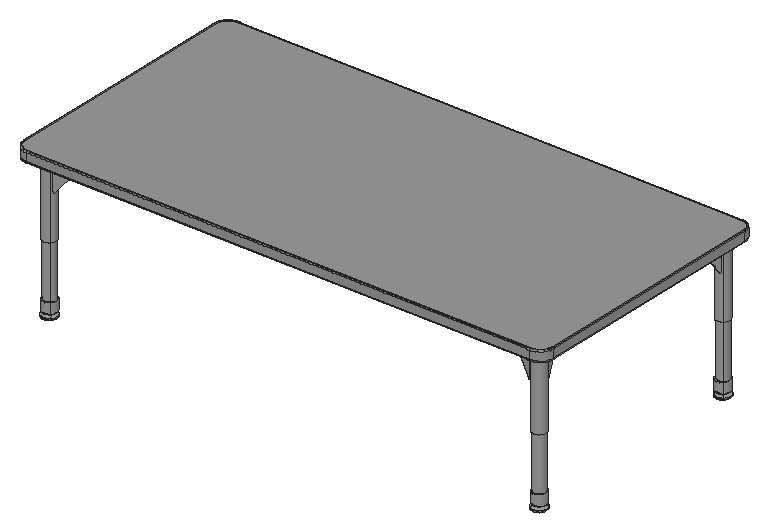
Revit family "Hierarchy Activity 60x30 Rectangle Table - Youth Height", category Furniture, Revit 2018
Family settings
  Work Plane-Based = No
  Always vertical = Yes
  Cut with Voids When Loaded = No
  Shared = No
  Room Calculation Point = No
Parameters
  Table Height = 1' - 4"
  Surface = Hierarchy Activity 60x30 Rectangle Table Youth Surface
  Leg Finish = Hierarchy Leg Platinum
  Edgeband = Hierarchy Activity 60x30 Rectangle Table Youth Edgeband
  Caster/Glider = Hierarchy Youth Leg - Glide : Hierarchy Youth Leg - Glide
Reference planes (in)
  plane 1 "Center (Front/Back)": y = 0
  plane 2: z = 0
  plane 3 "Center (Left/Right)": x = 0
  plane 4: z = 16
Dimensions and locks (in)
  "Table Height": plane 4 to level
  aligned and locked: plane 2 to level
  aligned and locked: nested 1 to plane 4
Nested families (in)
  nested 1: "Activity 60x30 Tabletop" at (0, 0, -7.925), type "Activity 60x30 Tabletop"
  nested 2: "Hierarchy Youth Leg - Glide" at (-27.5, 13, 0) x (0.7071, 0.7071, 0) z (0, 0, 1), type <- "Caster/Glider", Leg Finish <- "Leg Finish", Leg Height <- "Table Height", type "Hierarchy Youth Leg - Glide"
    with Leg Height 1' - 4", Leg Finish Hierarchy Leg Platinum
  nested 3: "Hierarchy Youth Leg - Glide" at (-27.5, -13, 0) x (-0.7071, 0.7071, 0) z (0, 0, 1), type <- "Caster/Glider", Leg Finish <- "Leg Finish", Leg Height <- "Table Height", type "Hierarchy Youth Leg - Glide"
    with Leg Height 1' - 4", Leg Finish Hierarchy Leg Platinum
  nested 4: "Hierarchy Youth Leg - Glide" at (27.95, -13, 0) x (-0.7071, -0.7071, 0) z (0, 0, 1), Leg Finish <- "Leg Finish", Leg Height <- "Table Height", type "Hierarchy Youth Leg - Glide"
    with Leg Height 1' - 4", Leg Finish Hierarchy Leg Platinum
  nested 5: "Hierarchy Youth Leg - Glide" at (27.95, 13, 0) x (0.7071, -0.7071, 0) z (0, 0, 1), Leg Finish <- "Leg Finish", Leg Height <- "Table Height", type "Hierarchy Youth Leg - Glide"
    with Leg Height 1' - 4", Leg Finish Hierarchy Leg Platinum
Definition of nested family "Activity 60x30 Tabletop"
  Parameters (values of type "Activity 60x30 Tabletop")
    Surface = none
    Edgeband = none
  Reference planes (in)
    plane 1 "Center (Front/Back)": y = 0
    plane 2: z = 0
    plane 3 "Center (Left/Right)": x = 0
  Forms (in)
    Extrusion 1, solid, material <- "Surface"
      sketch origin (0, -3, 0) x (1, 0, 0) y (0, 1, 0)
        loop
          line (28.5, 17.88189) -> (-28.5, 17.88189)
          arc (-28.5, 17.88189) -> (-29.47714, 17.47714) -> (-29.88189, 16.5) r 1.38189
          line (-29.88189, 16.5) -> (-29.88189, -10.5)
          arc (-29.88189, -10.5) -> (-29.47714, -11.47714) -> (-28.5, -11.88189) r 1.38189
          line (-28.5, -11.88189) -> (28.5, -11.88189)
          arc (28.5, -11.88189) -> (29.47714, -11.47714) -> (29.88189, -10.5) r 1.38189
          line (29.88189, -10.5) -> (29.88189, 16.5)
          arc (29.88189, 16.5) -> (29.47714, 17.47714) -> (28.5, 17.88189) r 1.38189
      from 23.925 to 25.125
    Sweep 2, solid, material <- "Edgeband"
      path origin (0, -3, 0) x (1, 0, 0) y (0, 1, 0)
        loop
          line (28.5, 17.88189) -> (-28.5, 17.88189)
          arc (-28.5, 17.88189) -> (-29.47714, 17.47714) -> (-29.88189, 16.5) r 1.38189
          line (-29.88189, 16.5) -> (-29.88189, -10.5)
          arc (-29.88189, -10.5) -> (-29.47714, -11.47714) -> (-28.5, -11.88189) r 1.38189
          line (-28.5, -11.88189) -> (28.5, -11.88189)
          arc (28.5, -11.88189) -> (29.47714, -11.47714) -> (29.88189, -10.5) r 1.38189
          line (29.88189, -10.5) -> (29.88189, 16.5)
          arc (29.88189, 16.5) -> (29.47714, 17.47714) -> (28.5, 17.88189) r 1.38189
      profile origin (0, 14.88189, 0) x (0, -1, 0) y (0, 0, 1)
        loop
          arc (0, 25.125) -> (-0.08352, 25.09041) -> (-0.11811, 25.00689) r 0.11811
          line (-0.11811, 25.00689) -> (-0.11811, 24.04311)
          arc (-0.11811, 24.04311) -> (-0.08352, 23.95959) -> (0, 23.925) r 0.11811
          line (0, 23.925) -> (0, 25.125)
  Dimensions and locks (in)
    aligned and locked: plane 2 to level
Definition of nested family "Hierarchy Youth Leg - Glide"
  Parameters (values of type "Hierarchy Youth Leg - Glide")
    Leg Finish [instance] = none
    Leg Height [instance] = 1' - 4.80117"
  Reference planes (in)
    plane 1 "Center (Front/Back)": y = 0
    plane 2: z = 0
    plane 3 "Center (Left/Right)": x = 0
  Forms (in)
    Extrusion 1, solid
      sketch origin (-0.01562, 0, 0) x (1, 0, 0) y (0, 1, 0)
        loop
          circle (0.01563, 0) r 0.67016
      from 0.67618 to 10.55018
    Revolve 2, solid
      sketch origin (0, 0, 0) x (1, 0, 0) y (0, 0, 1)
        loop
          line (-0.73189, 1.80118) -> (-0.79439, 1.73867) -> (-0.79439, 0.61381) -> (-0.73176, 0.55118) -> (-0.125, 0.55118) -> (-0.125, 0.42618) -> (-0.84656, 0.16241) -> (-0.84656, 0.08994) -> (-0.81359, 0) -> (0, 0) -> (0, 1.80118) -> (-0.73189, 1.80118)
        axis (0, 1.80118) -> (0, 0)
      angle from 0 to 360
  Dimensions and locks (in)
    "Leg Height": nested 1 to level  (x2)
    aligned and locked: plane 2 to level
  Automatic sketch dimensions
    plane 1 "Center (Front/Back)" to Extrusion 1 sketch curve = 0' - 0"
    Extrusion 1 sketch curve to plane 3 "Center (Left/Right)" = 0' - 0"
    Revolve 2 sketch curve to level = 0' - 0"
    Revolve 2 sketch curve to plane 3 "Center (Left/Right)" = 0' - 0"  (x2)
    Revolve 2 sketch curve to plane 3 "Center (Left/Right)" = 0' - 0 1/8"
    Revolve 2 sketch curve to Revolve 2 sketch curve = 0' - 0.60676"
    Revolve 2 sketch curve to Revolve 2 sketch curve = 0' - 0.73189"
    Revolve 2 sketch curve to Revolve 2 sketch curve = 0' - 0.06263"  (x2)
    Revolve 2 sketch curve to Revolve 2 sketch curve = 0' - 0.08183"
    Revolve 2 sketch curve to Revolve 2 sketch curve = 0' - 0.03297"
    level to Revolve 2 sketch curve = 0' - 0.08994"
    Revolve 2 sketch curve to Revolve 2 sketch curve = 0' - 0.07247"
    level to Revolve 2 sketch curve = 0' - 0.42618"
    Revolve 2 sketch curve to Revolve 2 sketch curve = 0' - 0 1/8"
    Revolve 2 sketch curve to Revolve 2 sketch curve = 0' - 1.12486"
    Revolve 2 sketch curve to Revolve 2 sketch curve = 0' - 0 1/16"
    Revolve 2 sketch curve to level = 2' - 0"
    Revolve 2 sketch curve to Revolve 2 sketch curve = 8' - 4.91764"
    radius of Extrusion 1 sketch curve = 0' - 0.67016"
  Nested families (in)
    nested 1: "Hierarchy Youth Upper Leg 2023" at (0, 0, 0), Leg Finish <- "Leg Finish", type "Hierarchy Youth Upper Leg 2023"
      with Leg Finish none
  Definition of nested family "Hierarchy Youth Upper Leg 2023"
    Parameters (values of type "Hierarchy Youth Upper Leg 2023")
      Leg Finish [instance] = none
    Reference planes (in)
      plane 1 "Center (Front/Back)": y = 0
      plane 2: z = 0
      plane 3 "Center (Left/Right)": x = 0
    Forms (in)
      Extrusion 1, solid, material <- "Leg Finish"
        sketch origin (0, 0, -11.001) x (1, 0, 0) y (0, 1, 0)
          loop
            circle (0, 0) r 0.75
        from 19.67618 to 27.67618
      Extrusion 2, solid, material <- "Leg Finish"
        sketch origin (0, 0, -11.001) x (1, 0, 0) y (0, 1, 0)
          loop
            line (-1.70174, 0.19183) -> (-2.88626, -2.26116)
            arc (-2.88626, -2.26116) -> (-2.83993, -3.09822) -> (-2.1063, -3.50394) r 0.86614
            line (-2.1063, -3.50394) -> (2.1063, -3.50394)
            arc (2.1063, -3.50394) -> (2.83993, -3.09822) -> (2.88626, -2.26116) r 0.86614
            line (2.88626, -2.26116) -> (1.70174, 0.19183)
            arc (1.70174, 0.19183) -> (0, 1.25984) -> (-1.70174, 0.19183) r 1.88976
        from 27.67618 to 27.80217
      Extrusion 3, solid, material <- "Leg Finish"
        sketch origin (-1.48519, 8.66524, -11.001) x (-0.434844, 0.900506, 0) y (0, 0, 1)
          loop
            line (-9.01425, 27.67618) -> (-11.80952, 27.67618)
            arc (-11.80952, 27.67618) -> (-11.92325, 27.58993) -> (-11.87088, 27.45715) r 0.11811
            arc (-11.87088, 27.45715) -> (-10.39364, 26.29679) -> (-9.23328, 24.81955) r 7.87402
            arc (-9.23328, 24.81955) -> (-9.1005, 24.76717) -> (-9.01425, 24.88091) r 0.11811
            line (-9.01425, 24.88091) -> (-9.01425, 27.67618)
        from -1.94075 to -1.81476
      Extrusion 4, solid, material <- "Leg Finish"
        sketch origin (1.48519, 8.66524, -11.001) x (0.434844, 0.900506, 0) y (0, 0, -1)
          loop
            line (-9.01425, -27.67618) -> (-9.01425, -24.88091)
            arc (-9.01425, -24.88091) -> (-9.1005, -24.76717) -> (-9.23328, -24.81955) r 0.11811
            arc (-9.23328, -24.81955) -> (-10.39364, -26.29679) -> (-11.87088, -27.45715) r 7.87402
            arc (-11.87088, -27.45715) -> (-11.92325, -27.58993) -> (-11.80952, -27.67618) r 0.11811
            line (-11.80952, -27.67618) -> (-9.01425, -27.67618)
        from -1.94075 to -1.81476
    Dimensions and locks (in)
      aligned and locked: plane 2 to level
